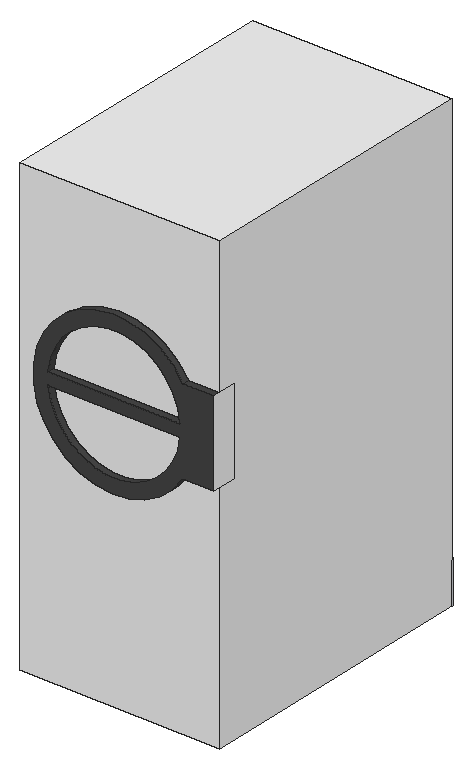
Revit family "Pro-Series-II-Drying-Tumbler_ContinentalGirbau", category Mechanical Equipment, Revit 2026
Family settings
  Round Connector Dimension = Use Radius
  Part Type = Normal
  Classification Number = 23.45.70.11.14.17
  Work Plane-Based = No
  Always vertical = Yes
  Cut with Voids When Loaded = No
  Maintain Annotation Orientation = No
  Shared = No
  Room Calculation Point = No
Parameters (values of type "As Specified")
  Warranty Duration (Years) = 0
  Voltage = 0 V
  URL = "http://www.continentalgirbau.com"
  Trim Material = Painted Metal - Black
  Three Phase = 0 VA
  Test Data = ""
  Specification = "http://www.arcat.com/sd/clients/cogirbau.html?coid=44467"
  SpecWizard = "http://www.arcat.com/specwizard/11110con/index.htm?mf=&coid=44467"
  Single Phase = 0 VA
  Shell Material = Stainless Steel
  Send Message = "http://admin.arcat.com/users.pl?action=UserEmail&company=Continental%20Girbau,%20Inc.&coid=44467&rep=132&fax=920-231-4666 &mf="
  Sales Information = ""
  Product Properties = "http://www.arcat.com/bim/bim_info.pl?fn=Commercial_Washer"
  Product Data = "http://www.arcat.com/arcatcos/cos44/arc44467.html"
  OpeningCL = DoorOpening / 2  # 0' - 11.33789"
  Model = "Generic"
  Mech_Waste = 0' - 8"
  Mech_Steam-Pressure = ""
  Mech_Steam = 0' - 0"
  Mech_Gas_Inlet = 0' - 0 1/2"
  Manufacturer Website = "http://www.continentalgirbau.com"
  Manufacturer Phone - Toll Free = "800-256-1073 "
  Manufacturer Phone = "920-231-8222 "
  Manufacturer Fax = "920-231-4666 "
  Manufacturer Address = "2500 State Rd. 44; Oshkosh; WI 54904\r\n"
  Manufacturer = "Continental Girbau, Inc.\r\n"
  Maintenance Schedule (Months) = 0
  MachWidth = 2' - 4"
  MachHeight = 5' - 3 7/8"
  MachDepth = 3' - 4 7/8"
  LwrPanHt = MachHeight / 3  # 1' - 9.29167"
  Keynote = "11 23 00"
  Installation-Fabrication = ""
  Installation Phase = "Interior Fittings"
  InstWidth = 1' - 6"
  Green Building-LEED = "http://www.arcat.com/green/clients/leed_data_44467.html"
  GlassCL = OpeningCL - 0' 2"  # 0' - 9.33789"
  Fr_FaceWdth = MachWidth / 6  # 0' - 4.66667"
  Expected Lifespan (Years) = 0
  Drawn By = "Robert S. Weygant, CSI, CDT, SCIP"
  DoorOpening = 1' - 10 173/256"
  DoorHeight = 2' - 3 1/2"
  Description = "Commercial Washer"
  Default Elevation = 0' - 0"
  DO2 = DoorOpening / 2  # 0' - 11.33789"
  Cyl_Diam = CylRad * 2  # 2' - 2 1/2"
  Cyl_Depth = 2' - 2"
  CylRad = 1' - 1 1/4"
  Copyright = "2009, ARCAT, Inc."  # constant formula
  Construction Details = "http://www.arcat.com/details/cogirbau/cogirbau.html?coid=44467"
  Capacity_Weight = 30
  Capacity_Volume = (3.1416 * (CylRad ^ 2)) * Cyl_Depth  # 8.29872 CF
  Building Codes = ""
  BTU = ""
  Assembly Code = "E1010610"
Reference planes (in)
  plane 1 "Front": y = 0
  plane 2: z = 0
  plane 3 "Center (Left/Right)": x = 4.36029
  plane 4: x = -9.63971
  plane 5: x = 18.36029
  plane 6: y = 40.875
  plane 7: z = 63.875
  plane 8 "DoorFront": y = 2
  plane 9: y = 28
  plane 10: z = 38.83789
  plane 11: z = 27.5
Forms (in)
  Extrusion 1, solid, material "Stainless Steel" <- "Shell Material"
    sketch origin (0, 0, 0) x (1, 0, 0) y (0, 1, 0)
      loop
        line (-9.63971, 0) -> (18.36029, 0) -> (18.36029, 40.875) -> (-9.63971, 40.875) -> (-9.63971, 0)
    from 0 to 63.875
  Extrusion 2, void
    sketch origin (0, 2, 18.44141) x (-1, 0, 0) y (0, 0, 1)
      loop
        circle (-4.36029, 28.80859) r 13.25
    from 0.25 to 26
  Extrusion 3, void
    sketch origin (0, 2, 0) x (-1, 0, 0) y (0, 0, 1)
      loop
        circle (-4.36029, 47.25) r 11.33789
    from 0 to 0.5
  Extrusion 4, solid, material "Glass"
    sketch origin (0, 2, 23.72656) x (-1, 0, 0) y (0, 0, 1)
      loop
        circle (-4.36029, 23.52344) r 9.33789
    from 0 to 0.5
  Extrusion 5, solid, material "Painted Metal - Black" <- "Trim Material"
    sketch origin (0, 2, -17.55859) x (-1, 0, 0) y (0, 0, 1)
      loop
        arc (-13.65918, 55.5439) -> (-4.36029, 47.05859) -> (4.9386, 55.5439) r 9.33789
        line (4.9386, 55.5439) -> (-13.65918, 55.5439)
      loop
        line (-18.36029, 50.39648) -> (-13.98081, 50.39648)
        arc (-13.98081, 50.39648) -> (6.97789, 56.39648) -> (-13.98081, 62.39648) r 11.33818
        line (-13.98081, 62.39648) -> (-18.36029, 62.39648) -> (-18.36029, 50.39648)
      loop
        line (-13.65918, 57.24907) -> (4.9386, 57.24907)
        arc (4.9386, 57.24907) -> (-4.36029, 65.73437) -> (-13.65918, 57.24907) r 9.33789
    from 0.5 to -3
  Extrusion 6, void
    sketch origin (0, 2, -17.55859) x (-1, 0, 0) y (0, 0, 1)
      loop
        circle (-4.36029, 56.39648) r 13.25
    from 0.25 to 26
  Extrusion 7, solid, material "Glass"
    sketch origin (0, 2, -2.06055) x (-1, 0, 0) y (0, 0, 1)
      loop
        circle (-4.36029, 40.89844) r 9.33789
    from 0 to 0.5
  Extrusion 8, solid
    sketch origin (0, 0, 0) x (1, 0, 0) y (0, 0, 1)
      loop
        line (18.36029, 0) -> (18.36029, 6) -> (12.36029, 6) -> (12.36029, 0) -> (18.36029, 0)
    from -40.9375 to -40.875
  Extrusion 9, solid
    sketch origin (-12.75, 0, 12) x (1, 0, 0) y (0, 0, 1)
      loop
        line (20.11029, 0) -> (20.11029, 6) -> (14.11029, 6) -> (14.11029, 0) -> (20.11029, 0)
    from -40.9375 to -40.875
  Extrusion 10, solid
    sketch origin (-19.5, 0, 3) x (1, 0, 0) y (0, 0, 1)
      loop
        line (18.86029, 3) -> (18.86029, 6) -> (15.86029, 6) -> (15.86029, 3) -> (18.86029, 3)
    from -40.9375 to -40.875
Cuts and joins
  Extrusion 2, Extrusion 3, Extrusion 6 cuts Extrusion 1
  Extrusion 6 cuts Extrusion 4
  Extrusion 6 cuts Extrusion 7
Lines and regions (in)
  Split face 1
    outline origin (-9.63971, 0, 63.875) x (0, 0, -1) y (1, 0, 0)
      loop
        arc (24.18452, 23.29889) -> (15.69922, 14) -> (24.18452, 4.70111) r 9.33789
        line (24.18452, 4.70111) -> (24.18452, 23.29889)
  Split face 2
    outline origin (-9.63971, 0, 63.875) x (0, 0, -1) y (1, 0, 0)
      loop
        arc (25.8897, 4.70111) -> (34.375, 14) -> (25.8897, 23.29889) r 9.33789
        line (25.8897, 23.29889) -> (25.8897, 4.70111)
  Split face 3
    outline origin (-9.63971, 0, 63.875) x (0, 0, -1) y (1, 0, 0)
      loop
        line (57.875, 28) -> (57.875, 0)
  Split face 4
    outline origin (-9.63971, 0, 63.875) x (0, 0, -1) y (1, 0, 0)
      loop
        line (10, 0) -> (10, 28)
  Split face 5
    outline origin (-9.63971, 0, 63.875) x (0, 0, -1) y (1, 0, 0)
      loop
        line (9, 0) -> (9, 28)
  Split face 6
    outline origin (-9.63971, 0, 63.875) x (0, 0, -1) y (1, 0, 0)
      loop
        line (38.375, 0) -> (38.375, 28)
  Split face 7
    outline origin (-9.63971, 0, 63.875) x (0, 0, -1) y (1, 0, 0)
      loop
        line (39.375, 0) -> (39.375, 28)
  Split face 8
    outline origin (-9.63971, 0, 63.875) x (0, 0, -1) y (1, 0, 0)
      loop
        line (1.92579, 1.17041) -> (5.92579, 1.17041) -> (5.92579, 11.17041) -> (1.92579, 11.17041) -> (1.92579, 1.17041)
  Split face 9
    outline origin (-9.63971, 0, 63.875) x (0, 0, -1) y (1, 0, 0)
      loop
        line (1.92579, 14) -> (6.92579, 14) -> (6.92579, 24) -> (1.92579, 24) -> (1.92579, 14)
  symbolic lines
    curve 1: line (15.26541, 2, 0) -> (13.26541, 2, 0)
    curve 2: line (15.26541, -20.67578, 0) -> (15.26541, 2, 0)
    curve 3: line (13.26541, -20.67578, 0) -> (15.26541, -20.67578, 0)
    curve 4: line (13.26541, 2, 0) -> (13.26541, -20.67578, 0)
    curve 5: arc (15.26541, -20.67578, 0) -> (-0.14438, -14.63519, 0) -> (-7.34415, 0.26829, 0) r 22.67578
Dimensions and locks (in)
  "MachWidth": plane 4 to plane 5
  "MachDepth": plane 1 "Front" to plane 6
  equal spacing: plane 4, plane 3 "Center (Left/Right)", plane 5
  "MachHeight": plane 7 to plane 2
  "DoorHeight": plane 11 to plane 2
  "Cyl_Depth": plane 9 to plane 8 "DoorFront"
  "DoorOpening": curve 3 to curve 1
  locked: Extrusion 8 sketch curve to Extrusion 8 sketch curve at 6
  locked: Extrusion 8 to cut or joined group of Extrusion 1, Extrusion 2, Extrusion 3, Extrusion 6 at 0.0625
  locked: Extrusion 9 sketch curve to Extrusion 9 sketch curve at 6  (x2)
  equal spacing: Extrusion 9 sketch curve, plane 3 "Center (Left/Right)", Extrusion 9 sketch curve
  locked: cut or joined group of Extrusion 1, Extrusion 2, Extrusion 3, Extrusion 6 to Extrusion 9 at 12
  Extrusion 10 sketch curve to Extrusion 10 sketch curve = 0' - 3"  (x2)
  locked: cut or joined group of Extrusion 1, Extrusion 2, Extrusion 3, Extrusion 6 to Extrusion 10 at 6  (x2)
  "DO2": plane 10 to plane 11
  "CylRad": radius of Extrusion 2 sketch curve
  "OpeningCL": radius of Extrusion 3 sketch curve
  "GlassCL": radius of Extrusion 4 sketch curve
  "GlassCL": radius of Extrusion 5 sketch curve
  "CylRad": radius of Extrusion 6 sketch curve
  "GlassCL": radius of Extrusion 7 sketch curve
  aligned and locked: plane 4 to Extrusion 1
  aligned and locked: plane 5 to Extrusion 1
  aligned and locked: plane 1 "Front" to Extrusion 1
  aligned and locked: plane 6 to Extrusion 1
  aligned and locked: plane 7 to Extrusion 1
  aligned and locked: plane 9 to cut or joined group of Extrusion 1, Extrusion 2, Extrusion 3, Extrusion 6
  aligned and locked: plane 10 to Extrusion 7
  aligned and locked: Extrusion 2 to Extrusion 6
  aligned and locked: Extrusion 8 sketch curve to cut or joined group of Extrusion 1, Extrusion 2, Extrusion 3, Extrusion 6  (x2)
  aligned and locked: Extrusion 8 to plane 6
  aligned and locked: Extrusion 9 to cut or joined group of Extrusion 1, Extrusion 2, Extrusion 3, Extrusion 6
  aligned and locked: Extrusion 9 to Extrusion 8
  aligned and locked: Extrusion 10 to plane 6
  aligned and locked: Extrusion 10 to Extrusion 8
  aligned and locked: plane 1 "Front" to Extrusion 1 sketch curve
  aligned and locked: Split face 1 sketch curve to Extrusion 5  (x2)
  aligned and locked: Split face 2 sketch curve to Extrusion 5  (x2)
Automatic sketch dimensions
  curve 4 to plane 8 "DoorFront" = 0' - 0"
  curve 5 to plane 8 "DoorFront" = 0' - 0"
  curve 5 to plane 1 "Front" = 0' - 0.26829"
  plane 4 to curve 5 = 0' - 2.29556"
  curve 4 to curve 5 = 0' - 2"
  Extrusion 1 sketch curve to plane 4 = 0' - 0"
  Extrusion 1 sketch curve to plane 5 = 0' - 0"
  Extrusion 1 sketch curve to plane 6 = 0' - 0"
  Extrusion 2 sketch curve to plane 3 "Center (Left/Right)" = 0' - 0"
  Extrusion 3 sketch curve to plane 3 "Center (Left/Right)" = 0' - 0"
  Extrusion 4 sketch curve to plane 3 "Center (Left/Right)" = 0' - 0"
  Extrusion 6 sketch curve to plane 3 "Center (Left/Right)" = 0' - 0"
  Extrusion 6 sketch curve to plane 10 = 0' - 0"
  Extrusion 7 sketch curve to plane 3 "Center (Left/Right)" = 0' - 0"
  Extrusion 7 sketch curve to plane 10 = 0' - 0"
  plane 5 to Extrusion 8 sketch curve = 0' - 6"
  level to Extrusion 9 sketch curve = 1' - 0"
  plane 4 to Extrusion 10 sketch curve = 0' - 6"
  level to Extrusion 10 sketch curve = 0' - 6"
  Extrusion 5 sketch curve to plane 5 = 0' - 0"
  Extrusion 5 sketch curve to plane 3 "Center (Left/Right)" = 0' - 0"
  Extrusion 5 sketch curve to plane 10 = 0' - 6"
  Extrusion 5 sketch curve to plane 10 = 0' - 0"
  plane 10 to Extrusion 5 sketch curve = 0' - 6"  (x2)
  plane 10 to Extrusion 5 sketch curve = 0' - 0.85259"
  Extrusion 5 sketch curve to plane 10 = 0' - 0.85259"
  Extrusion 5 sketch curve to Extrusion 5 sketch curve = 0' - 0"  (x5)
  Extrusion 5 sketch curve to Extrusion 5 sketch curve = 0' - 0.32163"  (x2)
  Split face 3 sketch curve to cut or joined group of Extrusion 1, Extrusion 2, Extrusion 3, Extrusion 6 = 0' - 0"  (x2)
  Split face 3 sketch curve to cut or joined group of Extrusion 1, Extrusion 2, Extrusion 3, Extrusion 6 = 0' - 6"
  Extrusion 2 sketch curve to plane 7 = 1' - 4 5/8"
  Extrusion 3 sketch curve to plane 7 = 1' - 4 5/8"
  Extrusion 4 sketch curve to plane 7 = 1' - 4 5/8"
  Split face 4 sketch curve to cut or joined group of Extrusion 1, Extrusion 2, Extrusion 3, Extrusion 6 = 0' - 0"  (x2)
  Split face 4 sketch curve to cut or joined group of Extrusion 1, Extrusion 2, Extrusion 3, Extrusion 6 = 0' - 10"
  Split face 5 sketch curve to cut or joined group of Extrusion 1, Extrusion 2, Extrusion 3, Extrusion 6 = 0' - 0"  (x2)
  Split face 5 sketch curve to cut or joined group of Extrusion 1, Extrusion 2, Extrusion 3, Extrusion 6 = 0' - 9"
  Split face 6 sketch curve to cut or joined group of Extrusion 1, Extrusion 2, Extrusion 3, Extrusion 6 = 0' - 0"  (x2)
  Split face 6 sketch curve to cut or joined group of Extrusion 1, Extrusion 2, Extrusion 3, Extrusion 6 = 2' - 1 1/2"
  Split face 7 sketch curve to cut or joined group of Extrusion 1, Extrusion 2, Extrusion 3, Extrusion 6 = 0' - 0"  (x2)
  Split face 7 sketch curve to cut or joined group of Extrusion 1, Extrusion 2, Extrusion 3, Extrusion 6 = 2' - 0 1/2"
  Split face 8 sketch curve to cut or joined group of Extrusion 1, Extrusion 2, Extrusion 3, Extrusion 6 = 0' - 1 237/256"
  Split face 8 sketch curve to cut or joined group of Extrusion 1, Extrusion 2, Extrusion 3, Extrusion 6 = 0' - 1.17041"
  Split face 8 sketch curve to Split face 8 sketch curve = 0' - 4"
  Split face 8 sketch curve to Split face 8 sketch curve = 0' - 10"
  Split face 9 sketch curve to cut or joined group of Extrusion 1, Extrusion 2, Extrusion 3, Extrusion 6 = 0' - 1 237/256"
  Split face 9 sketch curve to Split face 9 sketch curve = 0' - 5"
  Split face 9 sketch curve to cut or joined group of Extrusion 1, Extrusion 2, Extrusion 3, Extrusion 6 = 1' - 2"
  Split face 9 sketch curve to cut or joined group of Extrusion 1, Extrusion 2, Extrusion 3, Extrusion 6 = 0' - 4"
Connectors (in)
  electrical at (15.36029, 40.9375, 3)
    settings: on Extrusion 8, index 1, voltage 0 V, apparent load 0 VA, apparent load phase1 0 VA, apparent load phase2 0 VA, apparent load phase3 0 VA, power factor 1, load classification "Other", number of poles 1, system type 31, power factor state 1, is connector primary yes, connector utility no, sub classification motor no, connector description ""
  hvac at (4.36029, 40.9375, 15), driven by "Mech_Waste"
    settings: on Extrusion 9, index 2, duct flow 0 CFM, flow factor 0, pres drop 0.00 in-wg, loss coef 0, conn angle 0.00°, conn width 12", conn height 12", conn diameter 16", duct sys type 3, conn prof type 0, flow config 0, flow direction 0, loss method 0, conn ref index -1, conn util no, is conn primary yes, conn desc ""
  piping at (-2.13971, 40.9375, 7.5), diameter 1, driven by "Mech_Gas_Inlet"
    settings: on Extrusion 10, index 3, connector inside diameter 1", connector length 0' - 0", flow factor 0, pipe flow 0 GPM, pressure drop 0.00 psi, fitting loss kfactor 0, connector angle 0.00°, fixture units 0, engagement length 0' - 0", angle of deflection 0.00°, flow configuration 0, flow direction 0, fitting loss method 0, system type 22, joint type 0, gender type 0, connector reference index -1, connector utility 0, adjustable connector no, is connector primary yes, connector description "Mech_Gas_Inlet"
